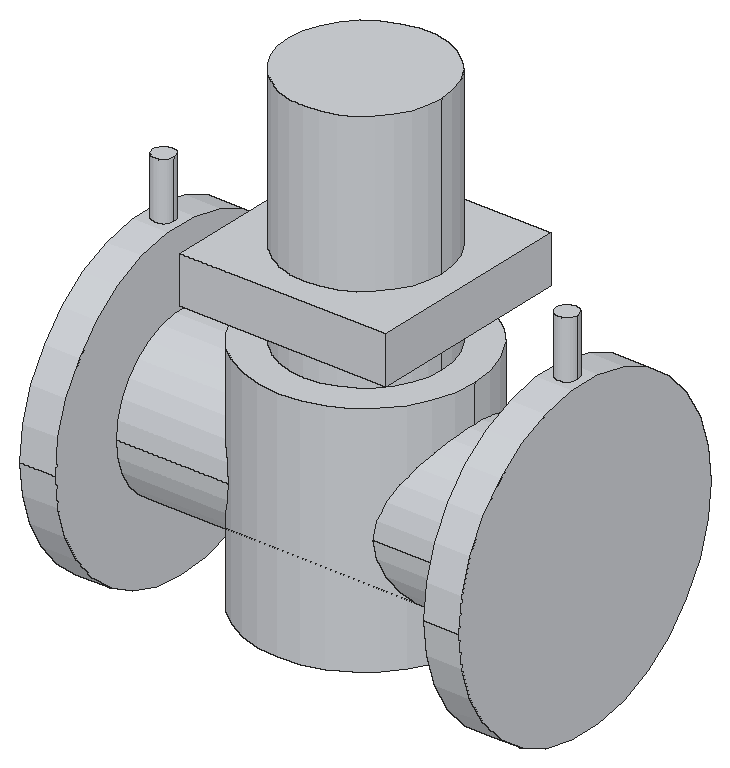
Revit family "PV_Compact_PN25_DN050_(20-100kPa)_RFA_2019", category Pipe Accessories, Revit 2019
Family settings
  Round Connector Dimension = Use Diameter
  Part Type = Valve - Breaks Into
  Work Plane-Based = No
  Always vertical = Yes
  Cut with Voids When Loaded = No
  Shared = No
Parameters (values of type "PV Compact PN25 DN050 (20-100kPa)")
  magiProductId = "c83fbc6219d94d148ccf13b963e54b"
  magiProductFamilyId = "7c5767a2a396495b8f1e69654734b4"
  magiPartTypeId = 304
  isMeasuringValve [instance] = no
  ang2D [instance] = 0.00°
  W2D = 50 mm
  VersionID = "2.0/2018.12.13.2/FRESE_PV_COMPACT_BIG_Q13_001"
  Use Minimum Symbol Size [instance] = no
  URL = "www.hydronic.cz"
  Type Comments = "PŘÍRUBOVÝ; PN25; dpmax=1000kPa; -10~+120°C"
  R4 = 40.25 mm
  R3 = 42.9 mm
  R1 = 57.5 mm
  QmdConnectorList = "301;D;302;D"
  Productdata [instance] = ""
  Manufacturer = "Hydronic Systems Prague s.r.o."
  Maintenance Zone Under Depth [instance] = 100 mm
  Maintenance Zone Right Depth [instance] = 100 mm
  Maintenance Zone Over Depth [instance] = 100 mm
  Maintenance Zone Left Depth [instance] = 100 mm
  Maintenance Zone Front Depth [instance] = 100 mm
  Maintenance Zone Back Depth [instance] = 100 mm
  Maintenance Zone Front Visibility [instance] = no
  MC Use Limits From Balancing Method = no
  MC Throttling Minimum Value = 0
  MC Throttling Maximum Value = 0
  MC Product Code = "53-3320 DN050 PN25; nastavitelný rozsah dp=20~100kPa; Q=3,2~13,0 m3/h;  kvs=29"
  MC Pressure Drop Minimum Value = 0.0 Pa
  MC Pressure Drop Maximum Value = 0.0 Pa
  MC Piping Given Pressure Drop [instance] = 0.0 Pa
  LF__ve = -LF  # -18.4 mm
  LF2 = 9.2 mm
  LF = 18.4 mm
  L4 = 108.1 mm
  L3 = 193.2 mm
  L2D_Min = 30.48 mm
  L2D = 230 mm
  L2 = 115 mm
  H6 = 82.25 mm
  H4 = 24.75 mm
  H3 = 20.625 mm
  H2 = 61.875 mm
  H1 = 123.75 mm
  Description = "Nastavitelný regulátor tlakové diference"
  DF2 = 82.5 mm
  D = 50 mm
  Clearance Zone Height Depth [instance] = 100 mm
  Clearance Zone Circular Radius [instance] = 115 mm
  Clearance Zone Visibility [instance] = no
  CAT0 = yes
Types (7, lengths in mm): name | magiProductId | Type Comments | R4 | R3 | R1 | MC Product Code | LF__ve | LF2 | LF | L4 | L3 | L2 | H6 | H4 | H3 | H2 | H1 | DF2 | D | Clearance Zone Circular Radius
  PV Compact PN25 DN050 (20-100kPa) | "c83fbc6219d94d148ccf13b963e54b" | "PŘÍRUBOVÝ; PN25; dpmax=1000kPa; -10~+120°C" | 40.25 | 42.9 | 57.5 | "53-3320 DN050 PN25; nastavitelný rozsah dp=20~100kPa; Q=3,2~13,0 m3/h;  kvs=29" | -18.4 | 9.2 | 18.4 | 108.1 | 193.2 | 115 | 82.25 | 24.75 | 20.625 | 61.875 | 123.75 | 82.5 | 50 | 115
  PV Compact PN25 DN065 (20-100kPa) | "130d70b5f9404660882d0b277b908a" | "PŘÍRUBOVÝ; PN25; dpmax=1000kPa; -10~+120°C" | 50.75 | 48.1 | 72.5 | "53-3323 DN065 PN25; nastavitelný rozsah dp=20~100kPa; Q=4,7~18,8 m3/h;  kvs=42" | -23.2 | 11.6 | 23.2 | 136.3 | 243.6 | 145 | 105.25 | 27.75 | 23.125 | 69.375 | 138.75 | 92.5 | 65 | 145
  PV Compact PN25 DN080 (20-100kPa) | "a1826ed98cb744f2bf0249353d27a7" | "PŘÍRUBOVÝ; PN25; dpmax=1000kPa; -10~+120°C" | 54.25 | 52 | 77.5 | "53-3326 DN080 PN25; nastavitelný rozsah dp=20~100kPa; Q=7,5~30,0 m3/h;  kvs=67" | -24.8 | 12.4 | 24.8 | 145.7 | 260.4 | 155 | 141 | 30 | 25 | 75 | 150 | 100 | 80 | 155
  PV Compact PN25 DN100 (20-100kPa) | "7cf36ffc9d0642d6874cd3d421d477" | "PŘÍRUBOVÝ; PN25; dpmax=1000kPa; -10~+120°C" | 61.25 | 61.1 | 87.5 | "53-3329 DN100 PN25; nastavitelný rozsah dp=20~100kPa; Q=12,9~51,4 m3/h;  kvs=115" | -28 | 14 | 28 | 164.5 | 294 | 175 | 234.75 | 35.25 | 29.375 | 88.125 | 176.25 | 117.5 | 100 | 175
  PV Compact PN25 DN125 (20-100kPa) | "79fb1938054147a099bb761cc75d0a" | "PŘÍRUBOVÝ; PN25; dpmax=1000kPa; -10~+120°C" | 70 | 70.2 | 100 | "53-3332 DN125 PN25; nastavitelný rozsah dp=20~100kPa; Q=19,0~76,0 m3/h;  kvs=170" | -32 | 16 | 32 | 188 | 336 | 200 | 225.5 | 40.5 | 33.75 | 101.25 | 202.5 | 135 | 125 | 200
  PV Compact PN25 DN150 (20-100kPa) | "9089b5560db447c5b770287446c8b2" | "PŘÍRUBOVÝ; PN25; dpmax=1000kPa; -10~+110°C" | 84 | 74.1 | 120 | "53-3335 DN150 PN25; nastavitelný rozsah dp=20~100kPa; Q=28,0~112 m3/h;  kvs=250" | -38.4 | 19.2 | 38.4 | 225.6 | 403.2 | 240 | 256.25 | 42.75 | 35.625 | 106.875 | 213.75 | 142.5 | 150 | 240
  PV Compact PN25 DN200 (20-100kPa) | "21d4a96559b243fabb2a9fe74f4fa1" | "PŘÍRUBOVÝ; PN25; dpmax=1000kPa; -10~+110°C" | 105 | 98.8 | 150 | "53-3338 DN200 PN25; nastavitelný rozsah dp=20~100kPa; Q=30,7~123 m3/h;  kvs=275" | -48 | 24 | 48 | 282 | 504 | 300 | 150 | 57 | 47.5 | 142.5 | 285 | 190 | 200 | 300
Reference planes
  plane 1 "Center (Front/Back)": y = 0
  plane 2 "XYPLANE": z = 0
  plane 3 "Center (Left/Right)": x = 0
  plane 4 "257": y = -82.5
  plane 5 "256": y = 82.5
  plane 6 "255": z = -82.5
  plane 7 "254": y = -182.5
  plane 8 "253": y = 182.5
  plane 9 "252": x = -215
  plane 10 "251": x = 215
  plane 11 "250": z = 289.5
  plane 12 "249": z = -182.5
  plane 13 "248": z = 289.5
  plane 14 "247": z = 189.5
  plane 15 "157": x = 105.8
  plane 16 "156": x = -105.8
  plane 17 "155": z = 82.5
  plane 18 "154": z = 107.25
  plane 19 "153": z = 82.5
  plane 20 "152": z = 61.875
  plane 21 "151": x = -96.6
  plane 22 "150": z = -61.875
  plane 23 "149": x = 0
  plane 24 "148": y = 0
  plane 25 "147": z = 0
  plane 26 "146": x = -115
  plane 27 "145": x = 115
Forms (mm)
  Blend 1, solid, visible <- "Maintenance Zone Front Visibility"
    base sketch origin (-750, 0, -182.5) x (1, 0, 0) y (0, 1, 0)
      loop
        line (535, 182.5) -> (535, -182.5) -> (965, -182.5) -> (965, 182.5) -> (535, 182.5)
    top sketch origin (-750, 0, -182.5) x (1, 0, 0) y (0, 1, 0)
      loop
        line (535, 182.5) -> (535, -182.5) -> (965, -182.5) -> (965, 182.5) -> (535, 182.5)
    from 0 to 472
  Blend 2, solid, visible <- "Clearance Zone Visibility"
    base sketch origin (-750, 0, 0) x (1, 0, 0) y (0, 1, 0)
      loop
        circle (750, 0) r 115
    top sketch origin (-750, 0, 0) x (1, 0, 0) y (0, 1, 0)
      loop
        circle (750, 0) r 115
    from 0 to 289.5
  Extrusion 3, solid, visible <- "CAT0"
    sketch origin (-750, 0, 82.5) x (1, 0, 0) y (0, 1, 0)
      loop
        circle (855.8, 0) r 5.5
    from 0 to 30
  Extrusion 4, solid, visible <- "CAT0"
    sketch origin (-750, 0, 82.5) x (1, 0, 0) y (0, 1, 0)
      loop
        circle (644.2, 0) r 5.5
    from 0 to 30
  Extrusion 5, solid
    sketch origin (-750, 0, 107.25) x (1, 0, 0) y (0, 1, 0)
      loop
        circle (750, 0) r 40.25
    from 0 to 82.25 <- "H6"
  Extrusion 6, solid, visible <- "CAT0"
    sketch origin (-750, 0, 82.5) x (1, 0, 0) y (0, 1, 0)
      loop
        line (804.05, 54.05) -> (695.95, 54.05) -> (695.95, -54.05) -> (804.05, -54.05) -> (804.05, 54.05)
    from 0 to 24.75 <- "H4"
  Extrusion 7, solid, visible <- "CAT0"
    sketch origin (-750, 0, 61.875) x (1, 0, 0) y (0, 1, 0)
      loop
        circle (750, 0) r 40.25
    from 0 to 20.625 <- "H3"
  Extrusion 8, solid, visible <- "CAT0"
    sketch origin (-96.6, -750, 0) x (0, 1, 0) y (0, 0, 1)
      loop
        circle (750, 0) r 42.9
    from 0 to 193.2 <- "L3"
  Extrusion 9, solid, visible <- "CAT0"
    sketch origin (-750, 0, -61.875) x (1, 0, 0) y (0, 1, 0)
      loop
        circle (750, 0) r 57.5
    from 0 to 123.75 <- "H1"
  Extrusion 10, solid, visible <- "CAT0"
    sketch origin (-115, -750, 0) x (0, 1, 0) y (0, 0, 1)
      loop
        circle (750, 0) r 82.5
    from 0 to 18.4 <- "LF"
  Extrusion 11, solid, visible <- "CAT0"
    sketch origin (115, -750, 0) x (0, 1, 0) y (0, 0, 1)
      loop
        circle (750, 0) r 82.5
    from 0 to -18.4 <- "LF__ve"
  Extrusion 12, solid, not visible
    sketch origin (-115, -750, 0) x (0, 1, 0) y (0, 0, 1)
      loop
        circle (750, 0) r 10
    from 0 to 10
  Extrusion 13, solid, not visible
    sketch origin (115, -750, 0) x (0, 1, 0) y (0, 0, 1)
      loop
        circle (750, 0) r 10
    from 0 to -10
Lines and regions (mm)
  reference lines, not visible
    curve 1: circle (2, 2, 0) r 1 normal (0, 0, 1)
  reference lines
    curve 2: circle (0, 0, 82.5) r 1 normal (0, 0, 1)
Dimensions and locks
  plane 1 "Center (Front/Back)" to curve 1 = 2 mm
  "DF2": plane 24 "148" to plane 4 "257"
  "DF2": plane 24 "148" to plane 5 "256"
  "DF2": plane 25 "147" to plane 6 "255"
  "Maintenance Zone Front Depth": plane 4 "257" to plane 7 "254"
  "Maintenance Zone Back Depth": plane 5 "256" to plane 8 "253"
  "Maintenance Zone Left Depth": plane 26 "146" to plane 9 "252"
  "Maintenance Zone Right Depth": plane 27 "145" to plane 10 "251"
  "Maintenance Zone Over Depth": plane 14 "247" to plane 11 "250"
  "Maintenance Zone Under Depth": plane 6 "255" to plane 12 "249"
  "Clearance Zone Height Depth": plane 14 "247" to plane 13 "248"
  "H6": plane 18 "154" to plane 14 "247"
  "LF2": plane 27 "145" to plane 15 "157"
  "LF2": plane 26 "146" to plane 16 "156"
  "DF2": plane 2 "XYPLANE" to plane 17 "155"
  "H4": plane 19 "153" to plane 18 "154"
  "H3": plane 20 "152" to plane 19 "153"
  "H1": plane 22 "150" to plane 20 "152"
  "LF": plane 26 "146" to plane 21 "151"
  "H2": plane 2 "XYPLANE" to plane 22 "150"
  locked: plane 3 "Center (Left/Right)" to plane 23 "149"
  locked: plane 1 "Center (Front/Back)" to plane 24 "148"
  locked: plane 2 "XYPLANE" to plane 25 "147"
  "L2": plane 3 "Center (Left/Right)" to plane 26 "146"
  "L2": plane 3 "Center (Left/Right)" to plane 27 "145"
  Blend 1 sketch curve to Blend 1 sketch curve = 0 mm  (x16)
  equal spacing: Extrusion 6 sketch curve, curve 2, Extrusion 6 sketch curve  (x2)
  "L4": Extrusion 6 sketch curve to Extrusion 6 sketch curve  (x2)
  Extrusion 6 sketch curve to Extrusion 6 sketch curve = 0 mm  (x8)
  "Clearance Zone Circular Radius": radius of Blend 2 sketch curve  (x2)
  "R4": radius of Extrusion 5 sketch curve
  "R4": radius of Extrusion 7 sketch curve
  "R3": radius of Extrusion 8 sketch curve
  "R1": radius of Extrusion 9 sketch curve
  "DF2": radius of Extrusion 10 sketch curve
  "DF2": radius of Extrusion 11 sketch curve
  aligned and locked: level to plane 2 "XYPLANE"
  aligned and locked: Blend 1 sketch curve to plane 8 "253"  (x2)
  aligned and locked: plane 9 "252" to Blend 1 sketch curve  (x4)
  aligned and locked: plane 10 "251" to Blend 1 sketch curve  (x4)
  aligned and locked: plane 8 "253" to Blend 1 sketch curve  (x2)
  aligned and locked: plane 7 "254" to Blend 1 sketch curve  (x4)
  aligned and locked: plane 11 "250" to Blend 1
  aligned and locked: plane 23 "149" to Blend 2 sketch curve  (x2)
  aligned and locked: plane 24 "148" to Blend 2 sketch curve  (x2)
  aligned and locked: plane 13 "248" to Blend 2
  aligned and locked: plane 15 "157" to Extrusion 3 sketch curve
  aligned and locked: plane 24 "148" to Extrusion 3 sketch curve
  aligned and locked: plane 16 "156" to Extrusion 4 sketch curve
  aligned and locked: plane 24 "148" to Extrusion 4 sketch curve
  aligned and locked: plane 23 "149" to Extrusion 5 sketch curve
  aligned and locked: plane 24 "148" to Extrusion 5 sketch curve
  aligned and locked: plane 23 "149" to curve 2
  aligned and locked: plane 24 "148" to curve 2
  aligned and locked: plane 23 "149" to Extrusion 7 sketch curve
  aligned and locked: plane 24 "148" to Extrusion 7 sketch curve
  aligned and locked: Extrusion 8 sketch curve to plane 24 "148"
  aligned and locked: plane 25 "147" to Extrusion 8 sketch curve
  aligned and locked: plane 23 "149" to Extrusion 9 sketch curve
  aligned and locked: plane 24 "148" to Extrusion 9 sketch curve
  aligned and locked: Extrusion 10 sketch curve to plane 24 "148"
  aligned and locked: plane 25 "147" to Extrusion 10 sketch curve
  aligned and locked: Extrusion 11 sketch curve to plane 24 "148"
  aligned and locked: plane 25 "147" to Extrusion 11 sketch curve
  aligned and locked: Extrusion 12 sketch curve to plane 24 "148"
  aligned and locked: plane 25 "147" to Extrusion 12 sketch curve
  aligned and locked: Extrusion 13 sketch curve to plane 24 "148"
  aligned and locked: plane 25 "147" to Extrusion 13 sketch curve
Automatic sketch dimensions
  Extrusion 3 sketch curve to plane 15 "157" = 5.5 mm
  plane 26 "146" to Extrusion 4 sketch curve = 3.7 mm
  plane 1 "Center (Front/Back)" to Extrusion 12 sketch curve = 10 mm
  plane 1 "Center (Front/Back)" to Extrusion 13 sketch curve = 10 mm
  plane 3 "Center (Left/Right)" to curve 1 = 2 mm
  plane 21 "151" to Extrusion 6 sketch curve = 42.55 mm
  plane 4 "257" to Extrusion 6 sketch curve = 28.45 mm
  radius of curve 2 = 1 mm
  radius of curve 1 = 1 mm
Connectors
  piping at (-115, 0, 0), diameter 50, driven by "D"
    settings: on Extrusion 12, index 1, connector inside diameter 609.6 mm, connector length 0 mm, flow factor 0, pipe flow 0.0 L/s, pressure drop 0.0 Pa, fitting loss kfactor 0, connector angle 0.00°, fixture units 0, engagement length 0 mm, angle of deflection 0.00°, flow configuration 0, flow direction 0, fitting loss method 0, system type 29, joint type 0, gender type 0, connector reference index 2, connector utility 0, adjustable connector no, is connector primary yes, connector description ""
  piping at (115, 0, 0), diameter 50, driven by "D"
    settings: on Extrusion 13, index 2, connector inside diameter 609.6 mm, connector length 0 mm, flow factor 0, pipe flow 0.0 L/s, pressure drop 0.0 Pa, fitting loss kfactor 0, connector angle 0.00°, fixture units 0, engagement length 0 mm, angle of deflection 0.00°, flow configuration 0, flow direction 0, fitting loss method 0, system type 29, joint type 0, gender type 0, connector reference index 1, connector utility 0, adjustable connector no, is connector primary no, connector description ""
